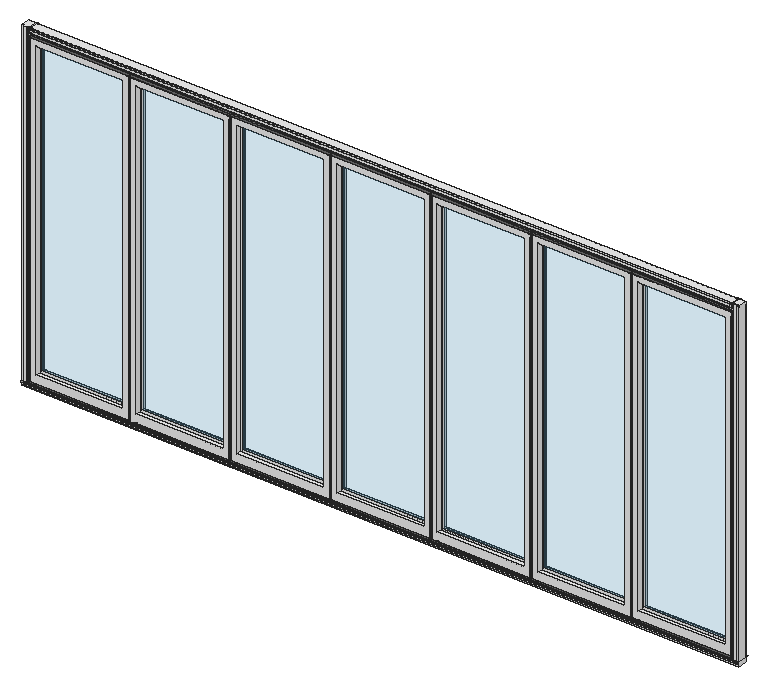
Revit family "Door-NanaWall-Acoustic-645_UPDATED_v2", category Doors, host Wall, Revit 2019
Family settings
  Host = Wall
  OmniClass Number = 23.30.10.17.17
  OmniClass Title = Folding Doors and Grilles
  Always vertical = Yes
  Cut with Voids When Loaded = No
  Shared = No
  Room Calculation Point = No
Parameters (values of type "Standard")
  c Up offset [instance] = 51.00 mm  # constant formula
  c Top Frame width [instance] = Width - c Top Frame Lat Offset * 2  # 5375.40 mm
  c Top Frame Lat Offset = 55.50 mm  # constant formula
  c Stack CL offset [instance] = 49.00 mm  # constant formula
  c Lat Stack Second Panel Offset [instance] = 88.00 mm  # constant formula
  c Lat Stack Panel first Offset [instance] = 60.00 mm  # constant formula
  c Lat Panel offset [instance] = 55.50 mm  # constant formula
  c Lat Open Angle Panel right [instance] = (c Lat Stack Second Panel Offset * Right Stack Array)  # 352.00 mm
  c Lat Open Angle Panel left [instance] = (c Lat Stack Second Panel Offset * Left Stack Array)  # 176.00 mm
  c Hinge Right Open Single Interior [instance] = if(Open, or(Right Stack Actual = 1, Right Stack Actual = 2), 1 = 0)  # no
  c Hinge Right Open Single Exterior [instance] = if(Open, or(Right Stack Actual = 2, Right Stack Actual = 3), 1 = 0)  # no
  c Hinge Right Open Multiple Exterior [instance] = if(Open, or(Right Stack Actual > 3, Right Stack Actual > 4), 1 = 0)  # no
  c Hinge Right Open Multiple  Interior [instance] = if(Open, or(Right Stack Actual = 3, Right Stack Actual > 3), 1 = 0)  # no
  c Hinge Right Closed Single Interior [instance] = if(not(Open), or(Right Stack Actual = 1, Right Stack Actual = 2), 1 = 0)  # no
  c Hinge Right Closed Single Exterior [instance] = if(not(Open), or(Right Stack Actual = 2, Right Stack Actual = 3), 1 = 0)  # no
  c Hinge Right Closed Multiple Interior [instance] = if(not(Open), or(Right Stack Actual = 3, Right Stack Actual > 3), 1 = 0)  # yes
  c Hinge Right Closed Multiple Exterior [instance] = if(not(Open), or(Right Stack Actual > 3, Right Stack Actual > 4), 1 = 0)  # yes
  c Hinge Panel Width Double [instance] = Panel Width * 2  # 1535.829 mm
  c Hinge Offset = 33.60 mm  # constant formula
  c Hinge Left Open Single Interior [instance] = if(Open, or(Left Stack Actual = 1, Left Stack Actual = 2), 1 = 0)  # no
  c Hinge Left Open Single Exterior [instance] = if(Open, or(Left Stack Actual = 2, Left Stack Actual = 3), 1 = 0)  # no
  c Hinge Left Open Multiple Exterior [instance] = if(Open, or(Left Stack Actual > 3, Left Stack Actual > 4), 1 = 0)  # no
  c Hinge Left Open Multiple  Interior [instance] = if(Open, or(Left Stack Actual = 3, Left Stack Actual > 3), 1 = 0)  # no
  c Hinge Left Closed Single Interior [instance] = if(not(Open), or(Left Stack Actual = 1, Left Stack Actual = 2), 1 = 0)  # no
  c Hinge Left Closed Single Exterior [instance] = if(not(Open), or(Left Stack Actual = 2, Left Stack Actual = 3), 1 = 0)  # yes
  c Hinge Left Closed Multiple Exterior [instance] = if(not(Open), or(Left Stack Actual > 3, Left Stack Actual > 4), 1 = 0)  # no
  c Hinge Left CLosed Multiple Interior [instance] = if(not(Open), or(Left Stack Actual = 3, Left Stack Actual > 3), 1 = 0)  # yes
  c Hinge Array Right Multiple Interior [instance] = if(or(Right Stack Actual = 3, Right Stack Actual > 3), c Hinge Array Right Interior Safe, 2)  # 2
  c Hinge Array Right Multiple Exterior [instance] = if(or(Right Stack Actual = 4, Right Stack Actual > 3), c Hinge Array Right Exterior Safe, 2)  # 2
  c Hinge Array Right Interior Safe [instance] = roundup(Right Stack Actual / 2)  # 2
  c Hinge Array Right Exterior Safe [instance] = rounddown(Right Stack Actual / 2)  # 2
  c Hinge Array Left Multiple Interior [instance] = if(or(Left Stack Actual = 3, Left Stack Actual > 3), c Hinge Array Left Interior Safe, 2)  # 2
  c Hinge Array Left Multiple Exterior [instance] = if(or(Left Stack Actual = 4, Left Stack Actual > 3), c Hinge Array Left Exterior Safe, 2)  # 2
  c Hinge Array Left Interior Safe [instance] = roundup(Left Stack Actual / 2)  # 2
  c Hinge Array Left Exterior Safe [instance] = rounddown(Left Stack Actual / 2)  # 1
  c Half Panel Height [instance] = Panel Height / 2  # 1192.70 mm
  c Front offset [instance] = Exterior Wall Offset + 500.00 mm  # 500.00 mm
  c Down Offset = if(Constraints = 1, 14.00 mm, if(Constraints = 2, 12.50 mm, if(Constraints = 3, 2.00 mm, 0.00 mm)))  # 2.00 mm
  Y N Override Stack [instance] = no
  Y N Override Number of Panels [instance] = no
  Width [instance] = 5486.40 mm
  Warranty URL = "http://www.nanawall.com/support/warranty"
  Thickness = 67.20 mm  # constant formula
  Support Phone = "1-224-699-9545"  # constant formula
  Support Email = "mailto: support@anguleris.com"
  Single Right Arrow [instance] = and(Right Stack Actual = 1, not(Open))  # no
  Single Left Arrow [instance] = and(Left Stack Actual = 1, not(Open))  # no
  Sill = Metal - NanaWall - Aluminum
  Rough Width [instance] = Width - (2 * (c Lat Panel offset))  # 5375.40 mm
  Rough Height [instance] = Height - 50.998 mm  # 2387.402 mm
  Right Stack Swing Visivility [instance] = if(and(Open, not(Right Even Constraint), not(Single Right Stack)), 1 = 1, 1 = 0)  # no
  Right Stack Swing Location [instance] = (Panel Width * Right Stack Array)  # 3071.657 mm
  Right Even Constraint [instance] = roundup(Right Stack Actual / 2) = Right Stack Actual / 2  # yes
  Panels Array Constraint [instance] = if(Panels < 2, 2, Panels)  # 7
  Panel Number Constraint [instance] = if(Width < 1397.00 mm, 2, if(Width < 2082.80 mm, 2, if(Width < 2794.00 mm, 3, if(Width < 3479.80 mm, 4, if(Width < 4216.40 mm, 5, if(Width < 4876.80 mm, 6, if(Width < 5588.00 mm, 7, if(Width < 6273.80 mm, 8, if(Width < 6959.60 mm, 10, if(Width < 10058.40 mm, 11, if(Width < 10972.80 mm, 12, if(Width < 11887.20 mm, 13, if(Width < 12801.60 mm, 14, if(Width < 13716.00 mm, 15, if(Width < 14630.40 mm, 16, if(Width < 15544.80 mm, 17, if(Width < 16459.20 mm, 18, if(Width < 17373.60 mm, 19, if(Width < 18288.00 mm, 20, 21)))))))))))))))))))  # 7
  Left Detail Door [instance] = if(Open, 1 = 0, if(roundup(Left Stack Actual / 2) = Left Stack Actual / 2, 1 = 0, 1 = 1))  # yes
  URL = "http://www.nanawall.com/"
  U Value = 0.27
  Subcategory = "Folding Door"  # constant formula
  Split Stack Right [instance] = 4
  Split Stack Left [instance] = if(Panels - Split Stack Right < 0, 0, if(Panels - Split Stack Right > Panels, Panels, Panels - Split Stack Right))  # 3
  Single Right Stack [instance] = and(Right Stack Actual = 1, Open)  # no
  Single Panel [instance] = if(and(not(Open), Width < 992.188 mm), 1 = 1, if(Width > 990.60 mm, 1 = 0, 1 = 0))  # no
  Single Left Stack [instance] = and(Left Stack Actual = 1, Open)  # no
  Sills Available = "Flush Sill, Minimal Interior Sill"  # constant formula
  Sash = Metal - NanaWall - Aluminum
  Right Detail Door [instance] = if(Open, 1 = 0, if(roundup(Right Stack Actual / 2) = Right Stack Actual / 2, 1 = 0, 1 = 1))  # no
  Right Stack Array [instance] = if(Right Stack Actual < 2, 2, if(not(Right Even Constraint), Right Stack Actual - 1, Right Stack Actual))  # 4
  Right Stack Actual [instance] = if(not(Y N Override Stack), roundup(Panels / 2), if(Split Stack Right < 0, 0, if(Split Stack Right > Panels, Panels, Split Stack Right)))  # 4
  Product Page URL = "https://www.nanawall.com/products/nw-acoustical-645"
  Performance URL = "https://www.nanawall.com/products/nw-acoustical-645/performance"
  Panels [instance] = if(Y N Override Number of Panels, Override Number of Panels, Panel Number Constraint)  # 7
  Panel Width [instance] = (Width - c Lat Panel offset * 2) / Panels  # 767.914 mm
  Panel Height [instance] = Height Constraint - (c Up offset + c Down Offset)  # 2385.40 mm
  Override Number of Panels [instance] = 4
  Opening Width [instance] = Width - (c Lat Panel offset * 2)  # 5375.40 mm
  Open [instance] = no
  NanaWall Configurator = ""
  Multiple Right Stack [instance] = and(Right Stack Actual > 1, Open)  # no
  Multiple Panel [instance] = if(and(Open, Width > 992.188 mm), 1 = 0, if(and(not(Open), Width > 992.188 mm), 1 = 1, if(Width < 990.60 mm, 1 = 0, 1 = 1)))  # yes
  Multiple Left Stack [instance] = and(Left Stack Actual > 1, Open)  # no
  Model = "NW Acoustical 645"  # constant formula
  Max Panel Height [instance] = if(Panel Height > 2895.60 mm, 2895.60 mm, Panel Height)  # 2385.40 mm
  Manufacturer Toll Free Phone = "(888) 411-NANA(6262)"  # constant formula
  Manufacturer Phone = "(415) 383-3148"  # constant formula
  Manufacturer Fax = "(415) 383-0312"  # constant formula
  Manufacturer Email = "mailto:info@nanawall.com"
  Manufacturer Address = "100 Meadowcreek Drive #250, Corte Madera, CA 94925"  # constant formula
  Manufacturer = "NanaWall Systems, Inc."  # constant formula
  Left Stack Width [instance] = Left Stack Array * Thickness  # 134.40 mm
  Left Stack Swing Visivility [instance] = if(and(Open, not(Left Even Constraint), not(Single Left Stack)), 1 = 1, 1 = 0)  # no
  Left Stack Swing Location [instance] = (Panel Width * Left Stack Actual)  # 2303.743 mm
  Left Stack Array [instance] = if(Left Stack Actual < 2, 2, if(not(Left Even Constraint), Left Stack Actual - 1, Left Stack Actual))  # 2
  Left Stack Actual [instance] = if(not(Y N Override Stack), rounddown(Panels / 2), if(Split Stack Left < 0, 0, if(Split Stack Left > Panels, Panels, Split Stack Left)))  # 3
  Left Even Constraint [instance] = roundup(Left Stack Actual / 2) = Left Stack Actual / 2  # no
  Keynote = "08 14 73"  # constant formula
  Installation and Service URL = "http://www.nanawall.com/support/installer"
  Height Constraint [instance] = if(Height < 990.60 mm, 990.60 mm, if(Height > 2895.60 mm, 2895.60 mm, Height))  # 2438.40 mm
  Wall Closure = By host
  Height [instance] = 2438.40 mm
  Half Panel Width [instance] = Panel Width / 2  # 383.957 mm
  Glazing Options = ""
  Glass Material = Glass - NanaWall - Generic
  Filler = Rubber - NanaWall - Black
  Exterior Wall Offset [instance] = 0.00 mm
  Engineering Details URL = "https://www.nanawall.com/products/nw-acoustical-645/resources"
  Right Detail Door Location [instance] = Panel Width * Right Stack Actual  # 3071.657 mm
  Left Detail Door Location [instance] = Panel Width * Left Stack Actual  # 2303.743 mm
  Disclaimer = "Please note that the Revit model is for schematic purposes only.  To obtain a detailed 3D model, please go to the NanaWall's configurator at www.nanawall.com."  # constant formula
  Description = "Acoustical  floor supported folding glass wall"  # constant formula
  Cost Info = "https://www.nanawall.com/request-an-estimate"
  Constraints = 3
  Clearance On [instance] = no
  c Closed [instance] = not(Open)  # yes
  Assembly Code = "B2050.4010"
  Multiple Right Arrows [instance] = and(Right Stack Actual > 1, not(Open))  # yes
  Multiple Left Arrows [instance] = and(Left Stack Actual > 1, not(Open))  # yes
  Analytic Construction = "<None>"
  95 CSI = "8411"  # constant formula
  04 CSI = "08 41 13"  # constant formula
Reference planes
  plane 1 "Center (Front/Back)": y = 9
  plane 2 "Center (Left/Right)": x = 0
  plane 3 "Top": z = 2438.4
  plane 4: z = 0
  plane 5 "Left": x = -2743.2
  plane 6 "Right": x = 2743.2
  plane 7: z = 2
  plane 8: z = 2387.4
  plane 9: y = -423.8
  plane 10: y = 42.6
  plane 11: y = 76.2
  plane 12: x = 2687.7
  plane 13: x = -2687.7
  plane 14: x = -2683.2
  plane 15: y = -6.4
  plane 16: x = -2595.2
  plane 17: x = 2683.2
  plane 18: x = 2595.2
  plane 19: x = -2507.2
  plane 20: x = 2335.7
  plane 21: x = -1919.786
  plane 22: x = -383.957
  plane 23: x = -383.957
  plane 24: x = -2303.743
  plane 25: x = -1535.829
  plane 26: x = 2303.743
  plane 27: x = 1535.829
  plane 28: z = 1194.7
  plane 29: y = 191.562
  plane 30: x = 2687.7
  plane 31: x = -2687.7
  plane 32: y = 76.2
  plane 33: x = 1919.786
  plane 34: x = -2693.6
  plane 35: x = -2517.6
  plane 36: x = -2605.6
  plane 37: x = -2429.6
  plane 38: x = 2693.6
  plane 39: x = 2517.6
  plane 40: x = 2605.6
  plane 41: x = 2429.6
Lines and regions (mm)
  Opening 1
    outline origin (-2108.2, -76.2, 0) x (1, 0, 0) y (0, 0, 1)
      loop
        line (-635, 0) -> (4851.4, 0) -> (4851.4, 2438.4) -> (-635, 2438.4) -> (-635, 0)
  reference lines
    curve 1: line (-2507.2, -6.4, 0) -> (-2412.142, -780.586, 0)
    curve 2: line (-2507.2, -6.4, 0) -> (-2495.057, -4.909, 0)
    curve 3: line (2335.7, -6.4, 0) -> (2306.451, -244.611, 0)
    curve 4: line (2335.7, -6.4, 0) -> (2276.147, 0.912, 0)
Text (mm)
  text "Exterior" at (-3623.391, 1972.959, 0), in view "Ref. Level"
  text "Interior" at (-3623.391, -1928.858, 0), in view "Ref. Level"
  text "Exterior" at (0, 1019.848, 3124.603), in view "Right"
  text "Interior" at (0, -1635.541, 3124.603), in view "Right"
  text "Interior" at (0, -787.806, 3124.376), in view "Left"
  text "Exterior" at (0, 1386.095, 3124.376), in view "Left"
Dimensions and locks
  "Height Constraint": plane 4 to plane 3 "Top"
  "Width": plane 6 "Right" to plane 5 "Left"
  equal spacing: plane 6 "Right", plane 2 "Center (Left/Right)", plane 5 "Left"
  "c Up offset": plane 3 "Top" to plane 8
  "c Down Offset": plane 7 to plane 4
  equal spacing: plane 1 "Center (Front/Back)", plane 10, plane 11
  "Thickness": plane 1 "Center (Front/Back)" to plane 11
  "c Lat Panel offset": plane 5 "Left" to plane 13
  equal spacing: group 3, group 4, group 12, group 13, group 20, group 21, group 22  (x3)
  "c Lat Panel offset": plane 12 to plane 6 "Right"
  "c Lat Stack Panel first Offset": plane 5 "Left" to plane 14
  "c Stack CL offset": plane 10 to plane 15
  "c Lat Stack Second Panel Offset": plane 14 to plane 16
  "c Lat Stack Second Panel Offset": plane 17 to plane 18
  "c Lat Stack Panel first Offset": plane 17 to plane 6 "Right"
  "c Lat Open Angle Panel left": plane 14 to plane 19
  "c Lat Open Angle Panel right": plane 20 to plane 12
  "Panel Width": plane 13 to plane 21
  "Half Panel Width": plane 13 to plane 24
  "Panel Width": plane 24 to plane 25
  "Half Panel Width": plane 26 to plane 12
  "Panel Width": plane 27 to plane 26
  equal spacing: group 24, group 23, group 7, group 6
  equal spacing: group 6, group 7, group 23, group 24  (x2)
  group 8 to group 9 = 767.914 mm
  group 8 to group 9 = 0.00 mm  (x2)
  group 10 to group 11 = 88.00 mm
  group 10 to group 11 = 0.00 mm  (x2)
  "Left Stack Swing Location": plane 13 to plane 23
  "Right Detail Door Location": plane 22 to plane 12
  "c Half Panel Height": plane 7 to plane 28
  group 14 to group 15 = 767.914 mm
  group 14 to group 15 = 0.00 mm  (x2)
  equal spacing: group 26, group 25, group 17, group 16
  equal spacing: group 16, group 17, group 25, group 26  (x2)
  locked: plane 1 "Center (Front/Back)" to plane 29 at 182.562
  equal spacing: group 28, group 27, group 19, group 18
  equal spacing: group 18, group 19, group 27, group 28  (x2)
  "c Top Frame Lat Offset": plane 6 "Right" to plane 30
  "c Top Frame Lat Offset": plane 31 to plane 5 "Left"
  locked: plane 9 to plane 32 at 500
  "c Front offset": plane 11 to plane 9
  group 29 to group 30 = 1535.829 mm
  group 29 to group 30 = 0.00 mm  (x2)
  "c Hinge Panel Width Double": nested 51 to nested 56
  group 31 to group 32 = 1535.829 mm
  group 31 to group 32 = 0.00 mm  (x2)
  "c Hinge Panel Width Double": nested 49 to nested 57
  group 34 to group 33 = 1535.829 mm
  group 33 to group 34 = 0.00 mm  (x2)
  "c Hinge Panel Width Double": nested 58 to nested 54
  "Panel Width": plane 33 to plane 30
  group 36 to group 35 = 1535.829 mm
  group 35 to group 36 = 0.00 mm  (x2)
  "c Hinge Panel Width Double": nested 59 to nested 52
  locked: plane 34 to plane 14 at 10.4
  group 37 to group 38 = 176.00 mm
  group 37 to group 38 = 0.00 mm  (x2)
  locked: plane 34 to plane 35 at 176
  locked: plane 36 to plane 16 at 10.4
  group 39 to group 40 = 176.00 mm
  group 39 to group 40 = 0.00 mm  (x2)
  locked: plane 36 to plane 37 at 176
  locked: plane 17 to plane 38 at 10.4
  group 42 to group 41 = 176.00 mm
  group 41 to group 42 = 0.00 mm  (x2)
  locked: plane 39 to plane 38 at 176
  locked: plane 18 to plane 40 at 10.4
  group 44 to group 43 = 176.00 mm
  group 43 to group 44 = 0.00 mm  (x2)
  locked: plane 41 to plane 40 at 176
  locked: plane 15 to curve 2 (angle 7.00°)
  locked: curve 1 to curve 2 (angle 90.00°)
  locked: curve 4 to plane 15 (angle 7.00°)
  locked: curve 4 to curve 3 (angle 90.00°)
  aligned and locked: plane 5 "Left" to Opening 1 sketch curve
  aligned and locked: Opening 1 sketch curve to plane 3 "Top"
  aligned and locked: Opening 1 sketch curve to plane 6 "Right"
  aligned and locked: plane 4 to Opening 1 sketch curve
  aligned and locked: nested 8 to plane 6 "Right"
  aligned and locked: plane 3 "Top" to nested 8
  aligned and locked: nested 7 to plane 3 "Top"
  aligned and locked: nested 9 to plane 3 "Top"
  aligned and locked: nested 9 to plane 10
  aligned and locked: nested 7 to plane 10
  aligned and locked: plane 10 to nested 8
  aligned and locked: nested 10 to plane 10
  aligned and locked: nested 11 to plane 10
  aligned and locked: nested 10 to plane 13
  aligned and locked: nested 12 to plane 17
  aligned and locked: nested 12 to plane 7
  aligned and locked: nested 13 to plane 7
  aligned and locked: nested 14 to plane 10
  aligned and locked: plane 6 "Right" to nested 14
  aligned and locked: nested 7 to plane 5 "Left"
  aligned and locked: plane 7 to nested 11
  aligned and locked: plane 7 to nested 10
  aligned and locked: nested 15 to plane 10
  aligned and locked: plane 7 to nested 15
  aligned and locked: nested 15 to plane 13
  aligned and locked: plane 4 to nested 14
  aligned and locked: nested 12 to plane 15
  aligned and locked: nested 13 to plane 15
  aligned and locked: plane 15 to nested 19
  aligned and locked: plane 14 to nested 19
  aligned and locked: plane 7 to nested 19
  aligned and locked: nested 17 to plane 7
  aligned and locked: plane 7 to nested 18
  aligned and locked: nested 17 to plane 15
  aligned and locked: nested 17 to plane 17
  aligned and locked: nested 11 to plane 21
  aligned and locked: plane 15 to curve 2
  aligned and locked: plane 19 to curve 2
  aligned and locked: nested 18 to curve 1
  aligned and locked: nested 18 to curve 2
  aligned and locked: plane 20 to curve 3
  aligned and locked: plane 15 to curve 3
  aligned and locked: nested 20 to curve 3
  aligned and locked: nested 20 to curve 4
  aligned and locked: nested 20 to plane 7
  aligned and locked: plane 1 "Center (Front/Back)" to nested 16
  aligned and locked: plane 26 to nested 21
  aligned and locked: plane 27 to nested 22
  aligned and locked: plane 24 to nested 23
  aligned and locked: plane 25 to nested 24
  aligned and locked: nested 25 to plane 14
  aligned and locked: plane 15 to nested 25
  aligned and locked: plane 15 to nested 26
  aligned and locked: plane 16 to nested 26
  aligned and locked: nested 25 to plane 7
  aligned and locked: nested 26 to plane 7
  aligned and locked: nested 29 to plane 1 "Center (Front/Back)"
  aligned and locked: nested 1 to plane 7
  aligned and locked: plane 7 to nested 2
  aligned and locked: plane 29 to nested 23
  aligned and locked: plane 29 to nested 24
  aligned and locked: nested 21 to plane 29
  aligned and locked: nested 22 to plane 29
  aligned and locked: plane 24 to nested 30
  aligned and locked: plane 29 to nested 30
  aligned and locked: plane 26 to nested 31
  aligned and locked: nested 31 to plane 29
  aligned and locked: nested 16 to plane 23
  aligned and locked: nested 29 to plane 22
  aligned and locked: nested 2 to plane 23
  aligned and locked: nested 1 to plane 23
  aligned and locked: nested 32 to plane 24
  aligned and locked: plane 28 to nested 32
  aligned and locked: nested 34 to plane 24
  aligned and locked: plane 28 to nested 34
  aligned and locked: nested 35 to plane 28
  aligned and locked: nested 35 to plane 26
  aligned and locked: nested 37 to plane 28
  aligned and locked: nested 37 to plane 26
  aligned and locked: nested 33 to plane 25
  aligned and locked: nested 36 to plane 27
  aligned and locked: nested 36 to plane 28
  aligned and locked: plane 28 to nested 33
  aligned and locked: nested 13 to plane 17
  aligned and locked: nested 38 to plane 15
  aligned and locked: plane 18 to nested 38
  aligned and locked: plane 7 to nested 38
  aligned and locked: plane 30 to nested 9
  aligned and locked: plane 32 to host wall
  aligned and locked: plane 11 to nested 48
  aligned and locked: plane 1 "Center (Front/Back)" to nested 50
  aligned and locked: plane 31 to nested 50
  aligned and locked: plane 31 to nested 51
  aligned and locked: plane 1 "Center (Front/Back)" to nested 51
  aligned and locked: nested 51 to nested 56
  aligned and locked: plane 21 to nested 48
  aligned and locked: plane 21 to nested 49
  aligned and locked: plane 11 to nested 49
  aligned and locked: nested 49 to nested 57
  aligned and locked: plane 30 to nested 55
  aligned and locked: nested 55 to plane 1 "Center (Front/Back)"
  aligned and locked: plane 30 to nested 54
  aligned and locked: nested 54 to plane 1 "Center (Front/Back)"
  aligned and locked: nested 54 to nested 58
  aligned and locked: nested 53 to plane 33
  aligned and locked: nested 53 to plane 11
  aligned and locked: nested 52 to plane 33
  aligned and locked: nested 52 to plane 11
  aligned and locked: nested 52 to nested 59
  aligned and locked: nested 61 to plane 15
  aligned and locked: plane 34 to nested 61
  aligned and locked: nested 60 to plane 15
  aligned and locked: plane 34 to nested 60
  aligned and locked: nested 60 to nested 68
  aligned and locked: plane 35 to nested 68
  aligned and locked: nested 63 to nested 26
  aligned and locked: plane 36 to nested 63
  aligned and locked: nested 62 to nested 26
  aligned and locked: plane 36 to nested 62
  aligned and locked: plane 37 to nested 69
  aligned and locked: nested 62 to nested 69
  aligned and locked: plane 38 to nested 67
  aligned and locked: nested 67 to plane 15
  aligned and locked: plane 38 to nested 66
  aligned and locked: nested 66 to plane 15
  aligned and locked: nested 70 to nested 66
  aligned and locked: plane 39 to nested 70
  aligned and locked: nested 38 to nested 65
  aligned and locked: plane 40 to nested 65
  aligned and locked: nested 38 to nested 64
  aligned and locked: plane 40 to nested 64
  aligned and locked: nested 71 to nested 64
  aligned and locked: nested 71 to plane 41
Nested families
  nested 1: "DetailItem_Door_Elevation" at (385.107, -76.2, 2327.512) x (-1, 0, 0) z (0, -1, 0), visible <- "Right Detail Door", type "DetailItem_Door_Elevation"
    with Panel Width 767.914 mm, Panel Heigth 2385.40 mm
  nested 2: "DetailItem_Door_Elevation" at (-1153.021, -76.2, 2327.512) x (1, 0, 0) z (0, -1, 0), visible <- "Left Detail Door", type "DetailItem_Door_Elevation"
    with Panel Width 767.914 mm, Panel Heigth 2385.40 mm
  nested 3: "Sash" at (-804.034, -377.645, 0) x (-0.1219, 0.9925, 0) z (0, 0, 1), visible <- "Left Stack Swing Visivility", type "Sash_SL-60_NanaWall", not visible
    with Width 767.914 mm, Constraints 3, Bottom Frame 53.00 mm
  nested 4: "DetailItem_Panel" at (-1007.517, -388.438, 0) x (-0.9925, -0.1219, 0) z (0, 0, 1), visible <- "Left Stack Swing Visivility", type "DetailItem_Panel", not visible
    with Panel Thickness 90.488 mm, Panel Width 767.914 mm
  nested 5: "Sash" at (807.749, -485.405, 0) x (0.1219, 0.9925, 0) z (0, 0, 1), visible <- "Right Stack Swing Visivility", type "Sash_SL-60_NanaWall", not visible
    with Width 767.914 mm, Constraints 3, Bottom Frame 53.00 mm
  nested 6: "DetailItem_Panel" at (1011.231, -496.199, 0) x (0.9925, -0.1219, 0) z (0, 0, 1), visible <- "Right Stack Swing Visivility", type "DetailItem_Panel", not visible
    with Panel Thickness 90.488 mm, Panel Width 767.914 mm
  nested 7: "Jamb" at (-2557.727, 49.152, 0), type "Left-Jamb_SL-60"
  nested 8: "Jamb" at (2557.727, 49.152, 0) x (-1, 0, 0) z (0, 0, 1), type "Left-Jamb_SL-60"
  nested 9: "Header" at (185.473, 55.129, 2438.4), type "Header_SL-60"
    with Width 5375.40 mm
  nested 10: "Sash" at (-2304.056, -163.975, 2), visible <- "Multiple Panel", type "Sash_SL-60_NanaWall"
    with Width 767.914 mm, Constraints 3, Bottom Frame 53.00 mm
  nested 11: "Sash" at (-1536.142, -163.975, 2), visible <- "Multiple Panel", type "Sash_SL-60_NanaWall"
    with Width 767.914 mm, Constraints 3, Bottom Frame 53.00 mm
  nested 12: "Sash" at (2856.175, -390.044, 2) x (0, -1, 0) z (0, 0, 1), visible <- "Multiple Right Stack", type "Sash_SL-60_NanaWall"
    with Width 767.914 mm, Constraints 3, Bottom Frame 53.00 mm
  nested 13: "Sash" at (2856.175, -390.044, 2) x (0, -1, 0) z (0, 0, 1), visible <- "Multiple Right Stack", type "Sash_SL-60_NanaWall"
    with Width 767.914 mm, Constraints 3, Bottom Frame 53.00 mm
  nested 14: "Sill" at (185.473, 42.6, 0), type "Sill"
  nested 15: "Sash" at (-0.314, -163.975, 2), visible <- "Single Panel", type "Sash_SL-60_NanaWall full"
    with Width 5375.40 mm, Constraints 3
  nested 16: "DetailItem_Door_Plan" at (-1153.021, -50.888, 0), visible <- "Left Detail Door", type "DetailItem_Door_Plan"
    with Panel Width 767.914 mm, C_Arrow 383.957 mm
  nested 17: "Sash" at (2856.175, -390.044, 2) x (0, -1, 0) z (0, 0, 1), visible <- "Single Right Stack", type "Sash_SL-60_NanaWall"
    with Width 767.914 mm, Constraints 3, Bottom Frame 53.00 mm
  nested 18: "Sash" at (-2632.131, -408.264, 2) x (0.1219, -0.9925, 0) z (0, 0, 1), visible <- "Left Stack Swing Visivility", type "Sash_SL-60_NanaWall"
    with Width 767.914 mm, Constraints 3, Bottom Frame 53.00 mm
  nested 19: "Sash" at (-2856.175, -390.044, 2) x (0, -1, 0) z (0, 0, 1), visible <- "Single Left Stack", type "Sash_SL-60_NanaWall"
    with Width 767.914 mm, Constraints 3, Bottom Frame 53.00 mm
  nested 20: "Sash" at (2460.631, -408.264, 2) x (-0.1219, -0.9925, 0) z (0, 0, 1), visible <- "Right Stack Swing Visivility", type "Sash_SL-60_NanaWall"
    with Width 767.914 mm, Constraints 3, Bottom Frame 53.00 mm
  nested 21: "DetailItem_arrow" at (2686.55, 149.851, 0), visible <- "Multiple Right Arrows", type "DetailItem_arrow"
    with Separation constraint 383.957 mm
  nested 22: "DetailItem_arrow" at (1918.636, 149.851, 0), visible <- "Multiple Right Arrows", type "DetailItem_arrow"
    with Separation constraint 383.957 mm
  nested 23: "DetailItem_arrow" at (-2686.55, 149.851, 0) x (-1, 0, 0) z (0, 0, 1), visible <- "Multiple Left Arrows", type "DetailItem_arrow"
    with Separation constraint 383.957 mm
  nested 24: "DetailItem_arrow" at (-1918.636, 149.851, 0) x (-1, 0, 0) z (0, 0, 1), visible <- "Multiple Left Arrows", type "DetailItem_arrow"
    with Separation constraint 383.957 mm
  nested 25: "Sash" at (-2856.175, -390.671, 2) x (0, 1, 0) z (0, 0, 1), visible <- "Multiple Left Stack", type "Sash_SL-60_NanaWall"
    with Width 767.914 mm, Constraints 3, Bottom Frame 53.00 mm
  nested 26: "Sash" at (-2768.175, -390.671, 2) x (0, 1, 0) z (0, 0, 1), visible <- "Multiple Left Stack", type "Sash_SL-60_NanaWall"
    with Width 767.914 mm, Constraints 3, Bottom Frame 53.00 mm
  nested 27: "Sash" at (-768.228, -163.975, 2), visible <- "Multiple Panel", type "Sash_SL-60_NanaWall"
    with Width 767.914 mm, Constraints 3, Bottom Frame 53.00 mm
  nested 28: "Sash" at (-0.314, -163.975, 2), visible <- "Multiple Panel", type "Sash_SL-60_NanaWall"
    with Width 767.914 mm, Constraints 3, Bottom Frame 53.00 mm
  nested 29: "DetailItem_Door_Plan" at (385.107, -50.888, 0) x (-1, 0, 0) z (0, 0, 1), visible <- "Right Detail Door", type "DetailItem_Door_Plan"
    with Panel Width 767.914 mm, C_Arrow 383.957 mm
  nested 30: "DetailItem_arrow" at (-2686.55, 149.851, 0) x (-1, 0, 0) z (0, 0, 1), visible <- "Single Left Arrow", type "DetailItem_arrow"
    with Separation constraint 383.957 mm
  nested 31: "DetailItem_arrow" at (2686.55, 149.851, 0), visible <- "Single Right Arrow", type "DetailItem_arrow"
    with Separation constraint 383.957 mm
  nested 32: "DetailItem_arrow" at (-2686.55, -76.2, 1236.412) x (-1, 0, 0) z (0, -1, 0), visible <- "Multiple Left Arrows", type "DetailItem_arrow"
    with Separation constraint 383.957 mm
  nested 33: "DetailItem_arrow" at (-1918.636, -76.2, 1236.412) x (-1, 0, 0) z (0, -1, 0), visible <- "Multiple Left Arrows", type "DetailItem_arrow"
    with Separation constraint 383.957 mm
  nested 34: "DetailItem_arrow" at (-2686.55, -76.2, 1236.412) x (-1, 0, 0) z (0, -1, 0), visible <- "Single Left Arrow", type "DetailItem_arrow"
    with Separation constraint 383.957 mm
  nested 35: "DetailItem_arrow" at (2686.55, -76.2, 1236.412) x (1, 0, 0) z (0, -1, 0), visible <- "Multiple Right Arrows", type "DetailItem_arrow"
    with Separation constraint 383.957 mm
  nested 36: "DetailItem_arrow" at (1918.636, -76.2, 1236.412) x (1, 0, 0) z (0, -1, 0), visible <- "Multiple Right Arrows", type "DetailItem_arrow"
    with Separation constraint 383.957 mm
  nested 37: "DetailItem_arrow" at (2686.55, -76.2, 1236.412) x (1, 0, 0) z (0, -1, 0), visible <- "Single Right Arrow", type "DetailItem_arrow"
    with Separation constraint 383.957 mm
  nested 38: "Sash" at (2768.175, -390.044, 2) x (0, -1, 0) z (0, 0, 1), visible <- "Multiple Right Stack", type "Sash_SL-60_NanaWall"
    with Width 767.914 mm, Constraints 3, Bottom Frame 53.00 mm
  nested 39: "Sash" at (767.601, -163.975, 2), visible <- "Multiple Panel", type "Sash_SL-60_NanaWall"
    with Width 767.914 mm, Constraints 3, Bottom Frame 53.00 mm
  nested 40: "Sash" at (1535.515, -163.975, 2), visible <- "Multiple Panel", type "Sash_SL-60_NanaWall"
    with Width 767.914 mm, Constraints 3, Bottom Frame 53.00 mm
  nested 41: "Sash" at (2303.429, -163.975, 2), visible <- "Multiple Panel", type "Sash_SL-60_NanaWall"
    with Width 767.914 mm, Constraints 3, Bottom Frame 53.00 mm
  nested 42: "DetailItem_arrow" at (1150.721, 149.851, 0), visible <- "Multiple Right Arrows", type "DetailItem_arrow"
    with Separation constraint 383.957 mm
  nested 43: "DetailItem_arrow" at (382.807, 149.851, 0), visible <- "Multiple Right Arrows", type "DetailItem_arrow"
    with Separation constraint 383.957 mm
  nested 44: "DetailItem_arrow" at (1150.721, -76.2, 1236.412) x (1, 0, 0) z (0, -1, 0), visible <- "Multiple Right Arrows", type "DetailItem_arrow"
    with Separation constraint 383.957 mm
  nested 45: "DetailItem_arrow" at (382.807, -76.2, 1236.412) x (1, 0, 0) z (0, -1, 0), visible <- "Multiple Right Arrows", type "DetailItem_arrow"
    with Separation constraint 383.957 mm
  nested 46: "Sash" at (2680.175, -390.044, 2) x (0, -1, 0) z (0, 0, 1), visible <- "Multiple Right Stack", type "Sash_SL-60_NanaWall"
    with Width 767.914 mm, Constraints 3, Bottom Frame 53.00 mm
  nested 47: "Sash" at (2592.175, -390.044, 2) x (0, -1, 0) z (0, 0, 1), visible <- "Multiple Right Stack", type "Sash_SL-60_NanaWall"
    with Width 767.914 mm, Constraints 3, Bottom Frame 53.00 mm
  nested 48: "640_hinge" at (-1919.786, 76.2, 0), visible <- "c Hinge Left Closed Single Exterior", type "640_hinge"
  nested 49: "640_hinge" at (-1919.786, 76.2, 0), visible <- "c Hinge Left Closed Multiple Exterior", type "640_hinge"
  nested 50: "640_hinge" at (-2687.7, 9, 0), visible <- "c Hinge Left Closed Single Interior", type "640_hinge"
  nested 51: "640_hinge" at (-2687.7, 9, 0), visible <- "c Hinge Left CLosed Multiple Interior", type "640_hinge"
  nested 52: "640_hinge" at (1919.786, 76.2, 0) x (-1, 0, 0) z (0, 0, 1), visible <- "c Hinge Right Closed Multiple Exterior", type "640_hinge"
  nested 53: "640_hinge" at (1919.786, 76.2, 0) x (-1, 0, 0) z (0, 0, 1), visible <- "c Hinge Right Closed Single Exterior", type "640_hinge"
  nested 54: "640_hinge" at (2687.7, 9, 0) x (-1, 0, 0) z (0, 0, 1), visible <- "c Hinge Right Closed Multiple Interior", type "640_hinge"
  nested 55: "640_hinge" at (2687.7, 9, 0) x (-1, 0, 0) z (0, 0, 1), visible <- "c Hinge Right Closed Single Interior", type "640_hinge"
  nested 56: "640_hinge" at (-1151.871, 9, 0), visible <- "c Hinge Left CLosed Multiple Interior", type "640_hinge"
  nested 57: "640_hinge" at (-383.957, 76.2, 0), visible <- "c Hinge Left Closed Multiple Exterior", type "640_hinge"
  nested 58: "640_hinge" at (1151.871, 9, 0) x (-1, 0, 0) z (0, 0, 1), visible <- "c Hinge Right Closed Multiple Interior", type "640_hinge"
  nested 59: "640_hinge" at (383.957, 76.2, 0) x (-1, 0, 0) z (0, 0, 1), visible <- "c Hinge Right Closed Multiple Exterior", type "640_hinge"
  nested 60: "640_Open_hinge" at (-2693.6, -6.4, 0), visible <- "c Hinge Left Open Multiple  Interior", type "640_Open_hinge"
  nested 61: "640_Open_hinge" at (-2693.6, -6.4, 0), visible <- "c Hinge Left Open Single Interior", type "640_Open_hinge"
  nested 62: "640_Open_hinge" at (-2605.6, -774.314, 0), visible <- "c Hinge Left Open Multiple Exterior", type "640_Open_hinge"
  nested 63: "640_Open_hinge" at (-2605.6, -774.314, 0), visible <- "c Hinge Left Open Single Exterior", type "640_Open_hinge"
  nested 64: "640_Open_hinge" at (2605.6, -774.314, 0), visible <- "c Hinge Right Open Multiple Exterior", type "640_Open_hinge"
  nested 65: "640_Open_hinge" at (2605.6, -774.314, 0), visible <- "c Hinge Right Open Single Exterior", type "640_Open_hinge"
  nested 66: "640_Open_hinge" at (2693.6, -6.4, 0), visible <- "c Hinge Right Open Multiple  Interior", type "640_Open_hinge"
  nested 67: "640_Open_hinge" at (2693.6, -6.4, 0), visible <- "c Hinge Right Open Single Interior", type "640_Open_hinge"
  nested 68: "640_Open_hinge" at (-2517.6, -6.4, 0), visible <- "c Hinge Left Open Multiple  Interior", type "640_Open_hinge"
  nested 69: "640_Open_hinge" at (-2429.6, -774.314, 0), visible <- "c Hinge Left Open Multiple Exterior", type "640_Open_hinge"
  nested 70: "640_Open_hinge" at (2517.6, -6.4, 0), visible <- "c Hinge Right Open Multiple  Interior", type "640_Open_hinge"
  nested 71: "640_Open_hinge" at (2429.6, -774.314, 0), visible <- "c Hinge Right Open Multiple Exterior", type "640_Open_hinge"
Definition of nested family "Sash"
  Parameters (values of type "Sash_SL-60_NanaWall")
    c Down = 7.00 mm  # constant formula
    Width = 1194.50 mm
    Thickness = 67.20 mm  # constant formula
    Sash = none
    Height = 2385.40 mm
    Glass = none
    Filler = none
    Constraints = 4
    Bottom Frame = if(Constraints = 3, 53.00 mm, if(Constraints = 4, 52.50 mm, 53.00 mm))  # 52.50 mm
    Assembly Code = ""
    Analytic Construction = "<None>"
  Types (3, lengths in mm): name | Width | Constraints | Bottom Frame
    Sash_SL-60_NanaWall | 1194.50 | 4 | 52.50
    Sash_SL-60_NanaWall full | 2398.003 | 1 | 53.00
    Sash_SL-60_NanaWall_Full | 2389.00 | 1 | 53.00
  Reference planes
    plane 1 "Center (Front/Back)": y = -206.575
    plane 2 "Bottom": z = 0
    plane 3 "Center (Left/Right)": x = 0.314
    plane 4 "Interior": y = -172.975
    plane 5 "Exterior": y = -240.175
    plane 6 "Left": x = -596.936
    plane 7 "Right": x = 597.564
    plane 8 "Top": z = 2385.4
    plane 9: x = -330.839
    plane 10: x = -592.436
    plane 11: z = 2371.275
    plane 12: x = 593.064
    plane 13: y = -182.475
    plane 14: y = -230.675
    plane 15: z = 7
    plane 16: x = -560.436
    plane 17: x = 561.064
    plane 18: z = 2339.275
    plane 19: z = 59.5
    plane 20: x = 331.466
  Forms (mm)
    Sweep 1, solid, material <- "Filler"
      path origin (0, -206.575, 0) x (1, 0, 0) y (0, 0, 1)
        loop
          line (-596.936, 2385.4) -> (-596.936, 0)
      profile origin (-596.936, -206.575, 1192.7) x (0, -1, 0) y (1, 0, 0)
        loop
          line (-33.6, 0) -> (33.6, 0) -> (33.6, 4.5) -> (-33.6, 4.5) -> (-33.6, 0)
    Sweep 2, solid, material <- "Sash"
      path origin (0, -206.575, 0) x (1, 0, 0) y (0, 0, 1)
        loop
          line (-596.936, 2339.275) -> (-596.936, 7)
      profile origin (-596.936, -206.575, 1173.137) x (0, -1, 0) y (1, 0, 0)
        loop
          line (-30.6, 4.5) -> (30.6, 4.5)
          arc (30.6, 4.5) -> (32.721, 5.379) -> (33.6, 7.5) r 3
          line (33.6, 7.5) -> (33.6, 36.5) -> (-33.6, 36.5) -> (-33.6, 7.5)
          arc (-33.6, 7.5) -> (-32.721, 5.379) -> (-30.6, 4.5) r 3
    Extrusion 3, solid, material <- "Glass"
      sketch origin (0, -190.866, 0) x (1, 0, 0) y (0, 0, 1)
        loop
          line (-553.436, 2332.275) -> (-553.436, 66.5) -> (554.064, 66.5) -> (554.064, 2332.275) -> (-553.436, 2332.275)
      from 21.409 to 37.409
    Sweep 4, solid, material <- "Filler"
      path origin (0.627, -206.575, 0) x (-1, 0, 0) y (0, 0, 1)
        loop
          line (-596.936, 2385.4) -> (-596.936, 0)
      profile origin (597.564, -206.575, 1192.7) x (0, -1, 0) y (1, 0, 0)
        loop
          line (-33.6, 0) -> (-33.6, -4.5) -> (33.6, -4.5) -> (33.6, 0) -> (-33.6, 0)
    Sweep 5, solid, material <- "Sash"
      path origin (0, -206.575, 0) x (1, 0, 0) y (0, 0, 1)
        loop
          line (-592.436, 2385.4) -> (593.064, 2385.4)
      profile origin (0.314, -206.575, 2385.4) x (0, 0, 1) y (0, -1, 0)
        loop
          arc (-14.625, -33.6) -> (-14.271, -33.454) -> (-14.125, -33.1) r 0.5
          line (-14.125, -33.1) -> (-14.125, 33.1)
          arc (-14.125, 33.1) -> (-14.271, 33.454) -> (-14.625, 33.6) r 0.5
          line (-14.625, 33.6) -> (-46.125, 33.6) -> (-46.125, -33.6) -> (-14.625, -33.6)
    Sweep 6, solid, material <- "Filler"
      path origin (0, -206.575, 45) x (1, 0, 0) y (0, 0, 1)
        loop
          line (-592.436, 2340.4) -> (593.064, 2340.4)
      profile origin (0.314, -206.575, 2385.4) x (0, 0, 1) y (0, -1, 0)
        loop
          line (0, -33.6) -> (0, 33.6) -> (-14.125, 33.6) -> (-14.125, -33.6) -> (0, -33.6)
    Sweep 7, solid, material <- "Sash"
      path origin (0, -206.575, 4070.65) x (1, 0, 0) y (0, 0, -1)
        loop
          line (-560.436, 4070.65) -> (561.064, 4070.65)
      profile origin (0.314, -206.575, 0) x (0, 0, 1) y (0, -1, 0)
        loop
          arc (7, -33.1) -> (7.146, -33.454) -> (7.5, -33.6) r 0.5
          line (7.5, -33.6) -> (59.5, -33.6) -> (59.5, 33.6) -> (7.5, 33.6)
          arc (7.5, 33.6) -> (7.146, 33.454) -> (7, 33.1) r 0.5
          line (7, 33.1) -> (7, -33.1)
    Sweep 8, solid, material <- "Filler"
      path origin (0, -206.575, 4025.65) x (1, 0, 0) y (0, 0, -1)
        loop
          line (-592.436, 4025.65) -> (593.064, 4025.65)
      profile origin (0.314, -206.575, 0) x (0, 0, 1) y (0, -1, 0)
        loop
          line (0, -33.6) -> (7, -33.6) -> (7, 33.6) -> (0, 33.6) -> (0, -33.6)
    Sweep 9, solid, material <- "Sash"
      path origin (0, -206.575, 0) x (1, 0, 0) y (0, 0, 1)
        loop
          line (-560.436, 2339.275) -> (-560.436, 59.5) -> (561.064, 59.5) -> (561.064, 2339.275) -> (-560.436, 2339.275)
      profile origin (0.314, -206.575, 2339.275) x (0, 0, 1) y (0, -1, 0)
        loop
          line (0, -33.6) -> (0, 33.6) -> (-13, 33.6) -> (-13, 25.7) -> (-30, 25.7) -> (-30, 21.7) -> (-7, 21.7) -> (-7, 5.7) -> (-30, 5.7) -> (-30, 1.7) -> (-13, 1.7) -> (-13, -33.6) -> (0, -33.6)
    Sweep 10, solid, material <- "Sash"
      path origin (0.627, -206.575, 0) x (-1, 0, 0) y (0, 0, -1)
        loop
          line (-596.936, -2339.275) -> (-596.936, -7)
      profile origin (597.564, -206.575, 1173.137) x (0, -1, 0) y (1, 0, 0)
        loop
          arc (-30.6, -4.5) -> (-32.721, -5.379) -> (-33.6, -7.5) r 3
          line (-33.6, -7.5) -> (-33.6, -36.5) -> (33.6, -36.5) -> (33.6, -7.5)
          arc (33.6, -7.5) -> (32.721, -5.379) -> (30.6, -4.5) r 3
          line (30.6, -4.5) -> (-30.6, -4.5)
  Cuts and joins
    joined: Sweep 1, Sweep 4, Sweep 6, Sweep 8
    joined: Sweep 2, Sweep 5, Sweep 7, Sweep 9, Sweep 10
  Lines and regions (mm)
    Masking region 1
      outline origin (0, 0, 0) x (1, 0, 0) y (0, 1, 0)
        loop
          line (554.064, -212.275) -> (-553.436, -212.275) -> (-553.436, -228.275) -> (554.064, -228.275) -> (554.064, -212.275)
    Masking region 2
      outline origin (0, 0, 0) x (1, 0, 0) y (0, 1, 0)
        loop
          line (-547.436, -208.275) -> (-547.436, -172.975) -> (-589.436, -172.975)
          arc (-589.436, -172.975) -> (-591.558, -173.854) -> (-592.436, -175.975) r 3
          line (-592.436, -175.975) -> (-592.436, -237.175)
          arc (-592.436, -237.175) -> (-591.558, -239.296) -> (-589.436, -240.175) r 3
          line (-589.436, -240.175) -> (-547.436, -240.175) -> (-547.436, -232.275) -> (-530.436, -232.275) -> (-530.436, -228.275) -> (-553.436, -228.275) -> (-553.436, -212.275) -> (-530.436, -212.275) -> (-530.436, -208.275) -> (-547.436, -208.275)
    Masking region 3
      outline origin (0, 0, 0) x (1, 0, 0) y (0, 1, 0)
        loop
          line (-596.936, -172.975) -> (-596.936, -240.175) -> (-592.436, -240.175) -> (-592.436, -172.975) -> (-596.936, -172.975)
    Masking region 4
      outline origin (0.627, 0, 0) x (0, 1, 0) y (-1, 0, 0)
        loop
          line (-208.275, -547.436) -> (-208.275, -530.436) -> (-212.275, -530.436) -> (-212.275, -553.436) -> (-228.275, -553.436) -> (-228.275, -530.436) -> (-232.275, -530.436) -> (-232.275, -547.436) -> (-240.175, -547.436) -> (-240.175, -589.436)
          arc (-240.175, -589.436) -> (-239.296, -591.558) -> (-237.175, -592.436) r 3
          line (-237.175, -592.436) -> (-175.975, -592.436)
          arc (-175.975, -592.436) -> (-173.854, -591.558) -> (-172.975, -589.436) r 3
          line (-172.975, -589.436) -> (-172.975, -547.436) -> (-208.275, -547.436)
    Masking region 5
      outline origin (0.627, 0, 0) x (0, 1, 0) y (-1, 0, 0)
        loop
          line (-172.975, -596.936) -> (-172.975, -592.436) -> (-240.175, -592.436) -> (-240.175, -596.936) -> (-172.975, -596.936)
    Masking region 6
      outline origin (0, 0, 0) x (1, 0, 0) y (0, 1, 0)
        loop
          line (-547.436, -208.275) -> (-530.436, -208.275) -> (-530.436, -212.275) -> (531.064, -212.275) -> (531.064, -208.275) -> (548.064, -208.275) -> (548.064, -172.975) -> (-547.436, -172.975) -> (-547.436, -208.275)
        loop
          line (-547.436, -240.175) -> (548.064, -240.175) -> (548.064, -232.275) -> (531.064, -232.275) -> (531.064, -228.275) -> (-530.436, -228.275) -> (-530.436, -232.275) -> (-547.436, -232.275) -> (-547.436, -240.175)
  Text (mm)
    text "INTERIOR" at (-1483.81, 258.945, 0), in view "Ref. Level"
    text "EXTERIOR" at (-1483.81, -509.045, 0), in view "Ref. Level"
  Dimensions and locks
    equal spacing: plane 6 "Left", plane 3 "Center (Left/Right)", plane 7 "Right"
    "Thickness": plane 4 "Interior" to plane 5 "Exterior"
    "Height": plane 8 "Top" to level
    "Width": plane 6 "Left" to plane 7 "Right"
    equal spacing: plane 4 "Interior", plane 1 "Center (Front/Back)", plane 5 "Exterior"
    plane 4 "Interior" to plane 1 "Center (Front/Back)" to plane 5 "Exterior" = 33.60 mm, 33.60 mm
    locked: plane 6 "Left" to plane 10 at 4.5
    locked: plane 12 to plane 7 "Right" at 4.5
    locked: plane 4 "Interior" to plane 13 at 9.5
    locked: plane 14 to plane 5 "Exterior" at 9.5
    "c Down": plane 15 to plane 2 "Bottom"
    locked: plane 8 "Top" to plane 11 at 14.125
    locked: plane 6 "Left" to plane 16 at 36.5
    locked: plane 17 to plane 7 "Right" at 36.5
    plane 8 "Top" to Sweep 5 sketch curve to Sweep 5 sketch curve = 14.125 mm locked, 32.00 mm locked
    locked: plane 8 "Top" to plane 18 at 46.125
    Sweep 9 sketch curve to Sweep 9 sketch curve to Sweep 9 sketch curve to profile plane = 17.00 mm locked, 6.00 mm locked, 7.00 mm locked
    "Bottom Frame": plane 19 to plane 15
    aligned and locked: plane 6 "Left" to Sweep 1 sketch curve  (x2)
    aligned and locked: level to Sweep 1 sketch curve
    aligned and locked: Sweep 1 sketch curve to plane 10
    aligned and locked: plane 6 "Left" to Sweep 2 sketch curve
    aligned and locked: plane 7 "Right" to Sweep 4 sketch curve
    aligned and locked: plane 8 "Top" to Sweep 6 sketch curve
    aligned and locked: plane 12 to Sweep 6 sketch curve
    aligned and locked: plane 10 to Sweep 6 sketch curve
    aligned and locked: level to Sweep 8 sketch curve
    aligned and locked: level to Sweep 7 sketch curve
    aligned and locked: plane 15 to Sweep 8 sketch curve
    aligned and locked: Sweep 8 sketch curve to plane 2 "Bottom"
    aligned and locked: plane 15 to Sweep 2 sketch curve
    aligned and locked: Masking region 1 sketch curve to Extrusion 3  (x4)
    aligned and locked: Sweep 7 sketch curve to plane 15
    aligned and locked: plane 10 to Sweep 5 sketch curve
    aligned and locked: plane 12 to Sweep 5 sketch curve
    aligned and locked: plane 10 to Sweep 2 sketch curve
    aligned and locked: plane 5 "Exterior" to Sweep 2 sketch curve
    aligned and locked: plane 16 to Sweep 2 sketch curve
    aligned and locked: plane 4 "Interior" to Sweep 2 sketch curve
    aligned and locked: plane 4 "Interior" to Sweep 1 sketch curve
    aligned and locked: plane 5 "Exterior" to Sweep 1 sketch curve
    aligned and locked: plane 12 to Sweep 4 sketch curve
    aligned and locked: Sweep 4 sketch curve to plane 4 "Interior"
    aligned and locked: Sweep 4 sketch curve to plane 5 "Exterior"
    aligned and locked: plane 11 to Sweep 6 sketch curve
    aligned and locked: Sweep 7 sketch curve to plane 19
    aligned and locked: Sweep 7 sketch curve to plane 5 "Exterior"
    aligned and locked: plane 4 "Interior" to Sweep 7 sketch curve
    aligned and locked: Sweep 8 sketch curve to plane 5 "Exterior"
    aligned and locked: plane 4 "Interior" to Sweep 8 sketch curve
    aligned and locked: plane 17 to Sweep 9 sketch curve
    aligned and locked: Sweep 9 sketch curve to plane 19
    aligned and locked: plane 16 to Sweep 9 sketch curve
    aligned and locked: Sweep 9 sketch curve to plane 18
    aligned and locked: plane 18 to Sweep 9 sketch curve
    aligned and locked: plane 4 "Interior" to Sweep 9 sketch curve
    aligned and locked: plane 5 "Exterior" to Sweep 9 sketch curve
    aligned and locked: profile plane to plane 18
    aligned and locked: Sweep 9 sketch curve to Sweep 9 sketch curve
    aligned and locked: plane 18 to Sweep 2 sketch curve
    aligned and locked: plane 17 to Sweep 7 sketch curve
    aligned and locked: plane 16 to Sweep 7 sketch curve
    aligned and locked: Extrusion 3 to cut or joined group of Sweep 2, Sweep 5, Sweep 7, Sweep 9, Sweep 10  (x4)
    aligned and locked: Masking region 2 sketch curve to plane 10
    aligned and locked: plane 6 "Left" to Masking region 3 sketch curve
    aligned and locked: plane 7 "Right" to Masking region 5 sketch curve
    aligned and locked: plane 12 to Masking region 4 sketch curve
    aligned and locked: Masking region 6 sketch curve to Masking region 2  (x4)
    aligned and locked: Masking region 6 sketch curve to Masking region 4  (x4)
    aligned and locked: plane 17 to Sweep 10 sketch curve
    aligned and locked: plane 12 to Sweep 10 sketch curve
  Automatic sketch dimensions
    Sweep 1 sketch curve to plane 8 "Top" = 0.00 mm
    Sweep 2 sketch curve to Sweep 2 sketch curve = 3.00 mm  (x2)
    plane 16 to Extrusion 3 sketch curve = 7.00 mm
    plane 17 to Extrusion 3 sketch curve = 7.00 mm
    Extrusion 3 sketch curve to plane 19 = 7.00 mm
    Extrusion 3 sketch curve to plane 18 = 7.00 mm
    Sweep 4 sketch curve to level = 0.00 mm
    Sweep 4 sketch curve to plane 8 "Top" = 0.00 mm
    Sweep 4 sketch curve to profile plane = 0.00 mm
    Sweep 5 sketch curve to plane 8 "Top" = 0.00 mm
    Sweep 5 sketch curve to Sweep 5 sketch curve = 0.50 mm  (x2)
    Sweep 5 sketch curve to plane 1 "Center (Front/Back)" = 33.60 mm
    plane 1 "Center (Front/Back)" to Sweep 5 sketch curve = 33.10 mm
    profile plane to Sweep 6 sketch curve = 0.00 mm
    Sweep 6 sketch curve to plane 1 "Center (Front/Back)" = 33.60 mm
    plane 1 "Center (Front/Back)" to Sweep 6 sketch curve = 33.60 mm
    Sweep 7 sketch curve to Sweep 7 sketch curve = 0.50 mm  (x2)
    Sweep 8 sketch curve to plane 10 = 0.00 mm
    plane 12 to Sweep 8 sketch curve = 0.00 mm
    Sweep 9 sketch curve to Sweep 9 sketch curve = 17.00 mm
    plane 1 "Center (Front/Back)" to Sweep 9 sketch curve = 1.70 mm
    plane 1 "Center (Front/Back)" to Sweep 9 sketch curve = 5.70 mm
    Sweep 9 sketch curve to Sweep 9 sketch curve = 11.90 mm
    Sweep 9 sketch curve to Sweep 9 sketch curve = 4.00 mm
    Masking region 2 sketch curve to plane 5 "Exterior" = 0.00 mm
    Masking region 2 sketch curve to plane 4 "Interior" = 0.00 mm
    Masking region 2 sketch curve to Masking region 2 sketch curve = 3.00 mm
    plane 5 "Exterior" to Masking region 2 sketch curve = 3.00 mm
    plane 14 to Masking region 2 sketch curve = 2.40 mm
    plane 16 to Masking region 2 sketch curve = 7.00 mm
    plane 16 to Masking region 2 sketch curve = 13.00 mm  (x2)
    Masking region 2 sketch curve to plane 14 = 1.60 mm
    Masking region 2 sketch curve to Masking region 2 sketch curve = 17.00 mm
    plane 1 "Center (Front/Back)" to Masking region 2 sketch curve = 5.70 mm
    Masking region 2 sketch curve to Masking region 2 sketch curve = 0.00 mm  (x2)
    plane 1 "Center (Front/Back)" to Masking region 2 sketch curve = 1.70 mm
    Sweep 10 sketch curve to plane 7 "Right" = 0.00 mm
    Sweep 10 sketch curve to plane 18 = 0.00 mm
    Sweep 10 sketch curve to plane 15 = 0.00 mm
    Sweep 10 sketch curve to profile plane = 33.60 mm
    Sweep 10 sketch curve to Sweep 10 sketch curve = 3.00 mm  (x2)
    profile plane to Sweep 10 sketch curve = 30.60 mm
    Masking region 3 sketch curve to plane 5 "Exterior" = 0.00 mm
    Masking region 3 sketch curve to plane 10 = 0.00 mm
    Masking region 3 sketch curve to plane 4 "Interior" = 0.00 mm
    Masking region 4 sketch curve to plane 5 "Exterior" = 0.00 mm
    Masking region 4 sketch curve to plane 4 "Interior" = 0.00 mm
    Masking region 4 sketch curve to Masking region 4 sketch curve = 3.00 mm  (x2)
    Masking region 4 sketch curve to plane 14 = 1.60 mm
    plane 14 to Masking region 4 sketch curve = 2.40 mm
    plane 1 "Center (Front/Back)" to Masking region 4 sketch curve = 5.70 mm
    plane 1 "Center (Front/Back)" to Masking region 4 sketch curve = 1.70 mm
    plane 17 to Masking region 4 sketch curve = 7.00 mm
    plane 17 to Masking region 4 sketch curve = 13.00 mm  (x2)
    Masking region 4 sketch curve to Masking region 4 sketch curve = 17.00 mm
    Masking region 4 sketch curve to Masking region 4 sketch curve = 0.00 mm  (x2)
    Masking region 5 sketch curve to plane 5 "Exterior" = 0.00 mm
    Masking region 5 sketch curve to plane 4 "Interior" = 0.00 mm
    Masking region 5 sketch curve to plane 12 = 0.00 mm
    Masking region 6 sketch curve to plane 5 "Exterior" = 0.00 mm
    Masking region 6 sketch curve to plane 4 "Interior" = 0.00 mm
    Masking region 6 sketch curve to plane 14 = 1.60 mm  (x2)
    plane 14 to Masking region 6 sketch curve = 2.40 mm
    plane 1 "Center (Front/Back)" to Masking region 6 sketch curve = 5.70 mm
    plane 1 "Center (Front/Back)" to Masking region 6 sketch curve = 1.70 mm  (x2)
Definition of nested family "Jamb"
  Parameters (values of type "Left-Jamb_SL-60")
    Width = 304.80 mm
    Right Jamb = none
    Height = 2438.40 mm
    Half = yes
    Assembly Code = ""
    Analytic Construction = "<None>"
  Reference planes
    plane 1 "Center (Front/Back)": y = 6.552
    plane 2: z = 0
    plane 3 "Center (Left/Right)": x = -185.473
    plane 4 "Top": z = 2438.4
    plane 5: z = 2416.572
    plane 6: z = 21.828
    plane 7: y = -27.048
    plane 8: y = 40.152
    plane 9: x = -129.973
  Forms (mm)
    Sweep 1, solid, material <- "Right Jamb"
      path origin (-185.479, 23.848, 0) x (0, -1, 0) y (0, 0, 1)
        loop
          line (25.552, 2438.4) -> (25.552, 0)
      profile origin (-185.479, -1.704, 1219.2) x (-1, 0, 0) y (0, -1, 0)
        loop
          line (-0.006, -41.356) -> (-0.006, 24.844)
          arc (-0.006, 24.844) -> (-0.153, 25.197) -> (-0.506, 25.344) r 0.5
          line (-0.506, 25.344) -> (-49.006, 25.344) -> (-49.006, 30.344)
          arc (-49.006, 30.344) -> (-49.153, 30.697) -> (-49.506, 30.844) r 0.5
          line (-49.506, 30.844) -> (-71.506, 30.844)
          arc (-71.506, 30.844) -> (-71.86, 30.697) -> (-72.006, 30.344) r 0.5
          line (-72.006, 30.344) -> (-72.006, 25.344) -> (-55.506, 25.344) -> (-55.506, -41.856) -> (-43.006, -41.856) -> (-41.206, -40.056) -> (-37.006, -40.056) -> (-37.006, -42.756)
          arc (-37.006, -42.756) -> (-36.86, -43.11) -> (-36.506, -43.256) r 0.5
          line (-36.506, -43.256) -> (-14.506, -43.256)
          arc (-14.506, -43.256) -> (-14.153, -43.11) -> (-14.006, -42.756) r 0.5
          line (-14.006, -42.756) -> (-14.006, -41.856) -> (-0.506, -41.856)
          arc (-0.506, -41.856) -> (-0.153, -41.71) -> (-0.006, -41.356) r 0.5
  Lines and regions (mm)
    Masking region 1
      outline origin (0, 32.105, 0) x (0, -1, 0) y (1, 0, 0)
        loop
          line (-9.448, -148.973) -> (-9.448, -170.973)
          arc (-9.448, -170.973) -> (-9.301, -171.326) -> (-8.948, -171.473) r 0.5
          line (-8.948, -171.473) -> (-8.048, -171.473) -> (-8.048, -184.973)
          arc (-8.048, -184.973) -> (-7.901, -185.326) -> (-7.548, -185.473) r 0.5
          line (-7.548, -185.473) -> (58.652, -185.479)
          arc (58.652, -185.479) -> (59.006, -185.326) -> (59.152, -184.973) r 0.5
          line (59.152, -184.973) -> (59.152, -136.473) -> (64.152, -136.473)
          arc (64.152, -136.473) -> (64.506, -136.326) -> (64.652, -135.973) r 0.5
          line (64.652, -135.973) -> (64.652, -113.973)
          arc (64.652, -113.973) -> (64.506, -113.619) -> (64.152, -113.473) r 0.5
          line (64.152, -113.473) -> (59.152, -113.473) -> (59.152, -129.973) -> (-8.048, -129.973) -> (-8.048, -142.473) -> (-6.248, -144.273) -> (-6.248, -148.473) -> (-8.948, -148.473)
          arc (-8.948, -148.473) -> (-9.301, -148.619) -> (-9.448, -148.973) r 0.5
  Dimensions and locks
    "Height": plane 4 "Top" to level
    plane 4 "Top" to level = 2438.40 mm
    plane 5 to plane 4 "Top" = 21.828 mm
    plane 6 to level = 21.828 mm
    equal spacing: plane 8, plane 1 "Center (Front/Back)", plane 7
    plane 4 "Top" to plane 5 = 21.828 mm
    locked: plane 2 to plane 6 at 21.828
    plane 8 to plane 7 = 67.20 mm
    locked: plane 3 "Center (Left/Right)" to plane 9 at 55.5
  Automatic sketch dimensions
    Sweep 1 sketch curve to level = 0.00 mm
    Sweep 1 sketch curve to plane 4 "Top" = 0.00 mm
    plane 1 "Center (Front/Back)" to Sweep 1 sketch curve = 8.256 mm
    Sweep 1 sketch curve to profile plane = 43.006 mm
    Sweep 1 sketch curve to Sweep 1 sketch curve = 1.80 mm
    Sweep 1 sketch curve to Sweep 1 sketch curve = 4.20 mm
    Sweep 1 sketch curve to Sweep 1 sketch curve = 0.50 mm  (x6)
    Sweep 1 sketch curve to profile plane = 14.506 mm
    Sweep 1 sketch curve to profile plane = 0.506 mm  (x2)
    profile plane to Sweep 1 sketch curve = 43.256 mm
    Sweep 1 sketch curve to Sweep 1 sketch curve = 0.90 mm  (x2)
    Sweep 1 sketch curve to Sweep 1 sketch curve = 2.70 mm
    Sweep 1 sketch curve to Sweep 1 sketch curve = 12.50 mm
    Sweep 1 sketch curve to Sweep 1 sketch curve = 5.00 mm  (x2)
    Sweep 1 sketch curve to Sweep 1 sketch curve = 6.00 mm  (x2)
    Sweep 1 sketch curve to Sweep 1 sketch curve = 23.00 mm
    Sweep 1 sketch curve to profile plane = 25.344 mm
    Sweep 1 sketch curve to Sweep 1 sketch curve = 1.90 mm
    Sweep 1 sketch curve to profile plane = 0.00 mm
    plane 8 to Masking region 1 sketch curve = 1.40 mm
    Masking region 1 sketch curve to Masking region 1 sketch curve = 0.50 mm  (x5)
    plane 3 "Center (Left/Right)" to Masking region 1 sketch curve = 14.50 mm
    Masking region 1 sketch curve to plane 8 = 0.00 mm  (x2)
    plane 3 "Center (Left/Right)" to Masking region 1 sketch curve = 0.50 mm
    Masking region 1 sketch curve to plane 3 "Center (Left/Right)" = 0.00 mm  (x2)
    Masking region 1 sketch curve to plane 7 = 0.00 mm  (x2)
    Masking region 1 sketch curve to Masking region 1 sketch curve = 0.00 mm  (x2)
    Masking region 1 sketch curve to plane 3 "Center (Left/Right)" = 0.006 mm
    Masking region 1 sketch curve to plane 7 = 5.00 mm
    Masking region 1 sketch curve to Masking region 1 sketch curve = 22.00 mm  (x2)
    Masking region 1 sketch curve to Masking region 1 sketch curve = 6.50 mm
    Masking region 1 sketch curve to plane 8 = 1.80 mm
    Masking region 1 sketch curve to Masking region 1 sketch curve = 1.80 mm
    Masking region 1 sketch curve to Masking region 1 sketch curve = 4.20 mm
    Masking region 1 sketch curve to Masking region 1 sketch curve = 48.50 mm
Definition of nested family "Header"
  Parameters (values of type "Header_SL-60")
    Width = 2406.00 mm
    Right Jamb = none
    Height = 2438.40 mm
    Header = none
    Half = yes
    Assembly Code = ""
    Analytic Construction = "<None>"
  Reference planes
    plane 1 "Center (Front/Back)": y = 12.529
    plane 2: z = 0
    plane 3 "Center (Left/Right)": x = -185.473
    plane 4 "Left": x = -1388.473
    plane 5 "Right": x = 1017.527
  Forms (mm)
    Extrusion 1, solid, material <- "Right Jamb"
      sketch origin (1019.269, 11.269, -218.703) x (0, 0, -1) y (0, -1, 0)
        loop
          line (-218.203, -34.861) -> (-204.703, -34.861) -> (-204.703, -35.761)
          arc (-204.703, -35.761) -> (-204.556, -36.114) -> (-204.203, -36.261) r 0.5
          line (-204.203, -36.261) -> (-182.203, -36.261)
          arc (-182.203, -36.261) -> (-181.849, -36.114) -> (-181.703, -35.761) r 0.5
          line (-181.703, -35.761) -> (-181.703, -15.761) -> (-167.703, -15.761) -> (-167.703, 32.339) -> (-146.703, 32.339) -> (-146.703, 37.339)
          arc (-146.703, 37.339) -> (-146.849, 37.693) -> (-147.203, 37.839) r 0.5
          line (-147.203, 37.839) -> (-169.203, 37.839)
          arc (-169.203, 37.839) -> (-169.556, 37.693) -> (-169.703, 37.339) r 0.5
          line (-169.703, 37.339) -> (-169.703, 32.339) -> (-218.203, 32.339)
          arc (-218.203, 32.339) -> (-218.556, 32.193) -> (-218.703, 31.839) r 0.5
          line (-218.703, 31.839) -> (-218.703, -34.361)
          arc (-218.703, -34.361) -> (-218.556, -34.714) -> (-218.203, -34.861) r 0.5
      from 1.742 to 2407.742
    Sweep 2, solid, material <- "Right Jamb", not visible
      path origin (1592.527, 0.319, 228.6) x (0, 1, 0) y (-1, 0, 0)
        loop
          line (12.529, 3683) -> (12.529, -127)
      profile origin (-185.473, 12.848, 228.6) x (0, 1, 0) y (0, 0, 1)
        loop
          line (-42.636, 0) -> (-42.636, -51) -> (41.998, -51) -> (41.998, 0) -> (-42.636, 0)
    Extrusion 3, solid, material <- "Right Jamb", not visible
      sketch origin (1019.269, 11.269, 9.897) x (0, 0, -1) y (0, -1, 0)
        loop
          line (-218.703, -43.577) -> (-191.583, -43.577)
          arc (-191.583, -43.577) -> (-189.666, -47.493) -> (-185.604, -49.077) r 6
          line (-185.604, -49.077) -> (-125.455, -49.077)
          arc (-125.455, -49.077) -> (-121.745, -47.432) -> (-120.475, -43.577) r 5.005
          line (-120.475, -43.577) -> (-167.703, -43.577) -> (-167.703, 41.056) -> (-218.703, 41.056) -> (-218.703, -43.577)
      from -700.258 to 3109.742
  Dimensions and locks
    equal spacing: plane 4 "Left", plane 3 "Center (Left/Right)", plane 5 "Right"
    "Width": plane 4 "Left" to plane 5 "Right"
    plane 2 to Extrusion 1 sketch curve = 51.00 mm
    aligned and locked: Extrusion 1 to plane 4 "Left"
    aligned and locked: plane 5 "Right" to Extrusion 1
  Automatic sketch dimensions
    Sweep 2 sketch curve to profile plane = 0.00 mm
    profile plane to Sweep 2 sketch curve = 42.636 mm
    Sweep 2 sketch curve to profile plane = 41.998 mm
    Sweep 2 sketch curve to Sweep 2 sketch curve = 51.00 mm
    Sweep 2 sketch curve to Sweep 2 sketch curve = 3810.00 mm
    Extrusion 3 sketch curve to Extrusion 3 sketch curve = 27.12 mm
    Extrusion 3 sketch curve to Extrusion 3 sketch curve = 17.901 mm
    Extrusion 3 sketch curve to Extrusion 3 sketch curve = 42.248 mm
    Extrusion 3 sketch curve to Extrusion 3 sketch curve = 4.98 mm
    Extrusion 3 sketch curve to Extrusion 3 sketch curve = 5.005 mm
    Extrusion 3 sketch curve to Extrusion 3 sketch curve = 5.50 mm
    Extrusion 3 sketch curve to Extrusion 3 sketch curve = 0.50 mm
    Extrusion 3 sketch curve to Extrusion 3 sketch curve = 84.634 mm
    Extrusion 1 sketch curve to level = 0.00 mm
    Extrusion 1 sketch curve to level = 0.50 mm  (x2)
    Extrusion 1 sketch curve to Extrusion 1 sketch curve = 13.50 mm
    Extrusion 1 sketch curve to Extrusion 1 sketch curve = 0.50 mm  (x4)
    Extrusion 1 sketch curve to Extrusion 1 sketch curve = 0.90 mm
    Extrusion 1 sketch curve to Extrusion 1 sketch curve = 14.00 mm
    Extrusion 1 sketch curve to Extrusion 1 sketch curve = 20.00 mm
    Extrusion 1 sketch curve to plane 1 "Center (Front/Back)" = 14.50 mm
    plane 1 "Center (Front/Back)" to Extrusion 1 sketch curve = 33.60 mm
    Extrusion 1 sketch curve to Extrusion 1 sketch curve = 21.00 mm
    Extrusion 1 sketch curve to Extrusion 1 sketch curve = 5.00 mm
    Extrusion 1 sketch curve to Extrusion 1 sketch curve = 1.50 mm
    Extrusion 1 sketch curve to Extrusion 1 sketch curve = 0.00 mm
Definition of nested family "Sill"
  Parameters (values of type "Sill")
    Width = 5486.40 mm
    Thickness = 67.20 mm
    Sill = none
    Rough Width = 5375.40 mm
    Rough Height = 2387.402 mm
    Right Jamb = none
    Minimal Interior Sill = Constraint = 4  # no
    Low Profile Sill = Constraint = 2  # no
    Intermediate sill = Constraint = 1  # no
